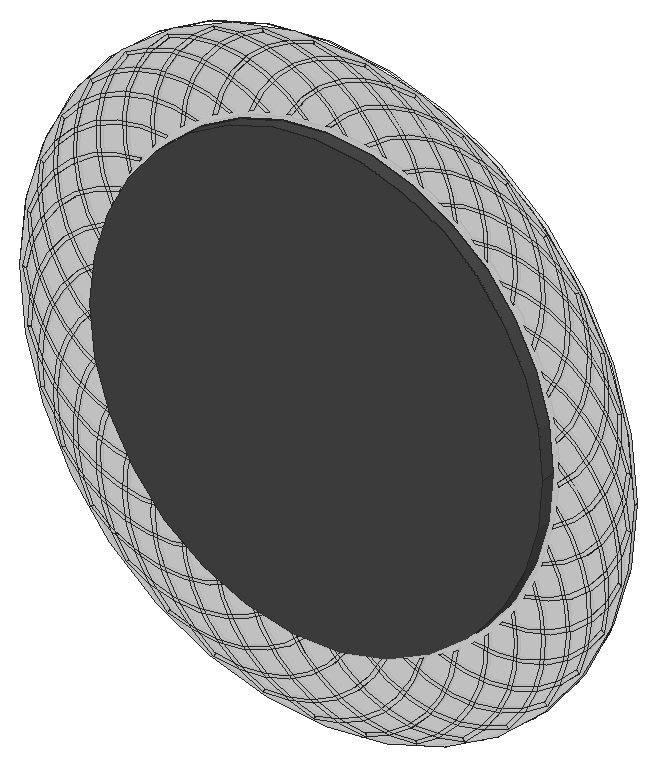
Revit family "3-1202-xx Perla Mirror", category Luminarias, Revit 2021
Family settings
  Anfitrión = Muro
  Cota de conector redondo = Diámetro de uso
  Tipo de pieza = Normal
  Número OmniClass = 23.80.70.00
  Título OmniClass = Lighting
  Siempre vertical = Sí
  Corte con vacíos al cargar = No
  Origen de luz = No
  Compartido = No
  Punto de cálculo de habitación = No
Parameters (values of type "3-1202-0 / Black")
  Diameter = 914 mm
  Elevación por defecto = 0 mm
  Comentarios de vataje = "1 x 35.3 W at 120 V"
  Voltage Input = "120 V or 277 V - 50/60 Hz"  # constant formula
  Voltage = 120 V
  URL = "www.oxygenlighting.com"
  References = "Ref. 3 = 120 V / Ref. 37 = 277 V"  # constant formula
  Modelo = "3-120X-xx / Perla"  # constant formula
  Metal Finish 1 = 15 - Black
  Fabricante = "Vanita by Oxygen"  # constant formula
  Lámpara = "LED Array"  # constant formula
Reference planes
  plane 1: y = 0
  plane 2 "Light Source Axis (L/R)": x = 125
  plane 3 "Light Source Axis (F/R)": y = 160
  plane 4 "Light Source Elevation": z = 700
  plane 5: y = 75
Text (mm)
  text "Placement side" at (-1787.139, 1116.779, 0), in view "Ref. Level"
  text "Placement side" at (0, 2110.396, 2986.058), in view "Left"
  text "Placement side" at (0, 628.478, 3011.967), in view "Right"
Dimensions and locks
  aligned and locked: plane 1 to host wall
  aligned and locked: plane 5 to host wall
  aligned and locked: plane 5 to nested 1
  aligned and locked: nested 1 to plane 2 "Light Source Axis (L/R)"
Nested families
  nested 1: "Family1" at (125, 75, 1005) x (-1, 0, 0) z (0, 0, 1), type "Family1"
Connectors
  electrical at (125, 95, 1005)
    settings: on nested 1, index 1, voltage 0 V, apparent load 0 VA, apparent load phase1 0 VA, apparent load phase2 0 VA, apparent load phase3 0 VA, power factor 1, load classification "Otro", number of poles 1, system type 31, power factor state 1, is connector primary yes, connector utility no, sub classification motor no, connector description ""
Definition of nested family "Family1"
  Parameters (values of type "Family1")
    Radius = Diameter / 2  # 381 mm
    Metal Touch Switch = (Diameter / 2) - 4.3 mm  # 376.7 mm
    Metal Finish 1 = none
    Inner Diameter = Radius - 8.5 mm  # 372.5 mm
    Diffuser = none
    Diameter = 762 mm
    Default Elevation = 0 mm
  Reference planes
    plane 1 "Center (Front/Back)": y = 0
    plane 2: z = 0
    plane 3 "Center (Left/Right)": x = 0
  Forms (mm)
    Extrusion 1, solid
      sketch origin (0, 0, 0) x (1, 0, 0) y (0, 0, 1)
        loop
          circle (0, 0) r 335
      from 20 to 30.49
    Extrusion 2, solid, material <- "Diffuser"
      sketch origin (0, 0, 0) x (1, 0, 0) y (0, 0, 1)
        loop
          circle (0, 0) r 455
        loop
          circle (0, 0) r 335
      from 20 to 25
    Extrusion 3, solid, material <- "Diffuser"
      sketch origin (0, 0, 0) x (1, 0, 0) y (0, 0, 1)
        loop
          arc (-55.516, 337.734) -> (-157.865, 382.348) -> (-267.657, 362.061) r 190.822
          line (-267.657, 362.061) -> (-263.993, 357.523)
          arc (-263.993, 357.523) -> (-160.467, 377.037) -> (-63.098, 336.814) r 184.812
          line (-63.098, 336.814) -> (-55.516, 337.734)
      from 20 to 25
    Extrusion 4, solid, material <- "Diffuser"
      sketch origin (0.06, 0, -0.005) x (0.985616, 0, -0.169001) y (0.169001, 0, 0.985616)
        loop
          arc (-55.516, 337.734) -> (-157.865, 382.348) -> (-267.657, 362.061) r 190.822
          line (-267.657, 362.061) -> (-263.993, 357.523)
          arc (-263.993, 357.523) -> (-160.467, 377.037) -> (-63.098, 336.814) r 184.812
          line (-63.098, 336.814) -> (-55.516, 337.734)
      from 20 to 25
    Extrusion 5, solid, material <- "Diffuser"
      sketch origin (-0.06, 0, -0.005) x (0.985616, 0, 0.169001) y (-0.169001, 0, 0.985616)
        loop
          arc (-55.516, 337.734) -> (-157.865, 382.348) -> (-267.657, 362.061) r 190.822
          line (-267.657, 362.061) -> (-263.993, 357.523)
          arc (-263.993, 357.523) -> (-160.467, 377.037) -> (-63.098, 336.814) r 184.812
          line (-63.098, 336.814) -> (-55.516, 337.734)
      from 20 to 25
    Extrusion 6, solid, material <- "Diffuser"
      sketch origin (-0.118, 0, -0.02) x (0.942877, 0, 0.33314) y (-0.33314, 0, 0.942877)
        loop
          arc (-55.516, 337.734) -> (-157.865, 382.348) -> (-267.657, 362.061) r 190.822
          line (-267.657, 362.061) -> (-263.993, 357.523)
          arc (-263.993, 357.523) -> (-160.467, 377.037) -> (-63.098, 336.814) r 184.812
          line (-63.098, 336.814) -> (-55.516, 337.734)
      from 20 to 25
    Extrusion 7, solid, material <- "Diffuser"
      sketch origin (-0.172, 0, -0.045) x (0.873014, 0, 0.487695) y (-0.487695, 0, 0.873014)
        loop
          arc (-55.516, 337.734) -> (-157.865, 382.348) -> (-267.657, 362.061) r 190.822
          line (-267.657, 362.061) -> (-263.993, 357.523)
          arc (-263.993, 357.523) -> (-160.467, 377.037) -> (-63.098, 336.814) r 184.812
          line (-63.098, 336.814) -> (-55.516, 337.734)
      from 20 to 25
    Extrusion 8, solid, material <- "Diffuser"
      sketch origin (-0.222, 0, -0.078) x (0.778036, 0, 0.62822) y (-0.62822, 0, 0.778036)
        loop
          arc (-55.516, 337.734) -> (-157.865, 382.348) -> (-267.657, 362.061) r 190.822
          line (-267.657, 362.061) -> (-263.993, 357.523)
          arc (-263.993, 357.523) -> (-160.467, 377.037) -> (-63.098, 336.814) r 184.812
          line (-63.098, 336.814) -> (-55.516, 337.734)
      from 20 to 25
    Extrusion 9, solid, material <- "Diffuser"
      sketch origin (-0.265, 0, -0.12) x (0.660675, 0, 0.750672) y (-0.750672, 0, 0.660675)
        loop
          arc (-55.516, 337.734) -> (-157.865, 382.348) -> (-267.657, 362.061) r 190.822
          line (-267.657, 362.061) -> (-263.993, 357.523)
          arc (-263.993, 357.523) -> (-160.467, 377.037) -> (-63.098, 336.814) r 184.812
          line (-63.098, 336.814) -> (-55.516, 337.734)
      from 20 to 25
    Extrusion 10, solid, material <- "Diffuser"
      sketch origin (-0.301, 0, -0.168) x (0.524307, 0, 0.851529) y (-0.851529, 0, 0.524307)
        loop
          arc (-55.516, 337.734) -> (-157.865, 382.348) -> (-267.657, 362.061) r 190.822
          line (-267.657, 362.061) -> (-263.993, 357.523)
          arc (-263.993, 357.523) -> (-160.467, 377.037) -> (-63.098, 336.814) r 184.812
          line (-63.098, 336.814) -> (-55.516, 337.734)
      from 20 to 25
    Extrusion 11, solid, material <- "Diffuser"
      sketch origin (-0.328, 0, -0.222) x (0.372856, 0, 0.927889) y (-0.927889, 0, 0.372856)
        loop
          arc (-55.516, 337.734) -> (-157.865, 382.348) -> (-267.657, 362.061) r 190.822
          line (-267.657, 362.061) -> (-263.993, 357.523)
          arc (-263.993, 357.523) -> (-160.467, 377.037) -> (-63.098, 336.814) r 184.812
          line (-63.098, 336.814) -> (-55.516, 337.734)
      from 20 to 25
    Extrusion 12, solid, material <- "Diffuser"
      sketch origin (-0.346, 0, -0.279) x (0.210679, 0, 0.977555) y (-0.977555, 0, 0.210679)
        loop
          arc (-55.516, 337.734) -> (-157.865, 382.348) -> (-267.657, 362.061) r 190.822
          line (-267.657, 362.061) -> (-263.993, 357.523)
          arc (-263.993, 357.523) -> (-160.467, 377.037) -> (-63.098, 336.814) r 184.812
          line (-63.098, 336.814) -> (-55.516, 337.734)
      from 20 to 25
    Extrusion 13, solid, material <- "Diffuser"
      sketch origin (-0.353, 0, -0.338) x (0.042441, 0, 0.999099) y (-0.999099, 0, 0.042441)
        loop
          arc (-55.516, 337.734) -> (-157.865, 382.348) -> (-267.657, 362.061) r 190.822
          line (-267.657, 362.061) -> (-263.993, 357.523)
          arc (-263.993, 357.523) -> (-160.467, 377.037) -> (-63.098, 336.814) r 184.812
          line (-63.098, 336.814) -> (-55.516, 337.734)
      from 20 to 25
    Extrusion 14, solid, material <- "Diffuser"
      sketch origin (-0.351, 0, -0.398) x (-0.127018, 0, 0.9919) y (-0.9919, 0, -0.127018)
        loop
          arc (-55.516, 337.734) -> (-157.865, 382.348) -> (-267.657, 362.061) r 190.822
          line (-267.657, 362.061) -> (-263.993, 357.523)
          arc (-263.993, 357.523) -> (-160.467, 377.037) -> (-63.098, 336.814) r 184.812
          line (-63.098, 336.814) -> (-55.516, 337.734)
      from 20 to 25
    Extrusion 15, solid, material <- "Diffuser"
      sketch origin (-0.338, 0, -0.457) x (-0.292823, 0, 0.956167) y (-0.956167, 0, -0.292823)
        loop
          arc (-55.516, 337.734) -> (-157.865, 382.348) -> (-267.657, 362.061) r 190.822
          line (-267.657, 362.061) -> (-263.993, 357.523)
          arc (-263.993, 357.523) -> (-160.467, 377.037) -> (-63.098, 336.814) r 184.812
          line (-63.098, 336.814) -> (-55.516, 337.734)
      from 20 to 25
    Extrusion 16, solid, material <- "Diffuser"
      sketch origin (-0.316, 0, -0.513) x (-0.450204, 0, 0.892926) y (-0.892926, 0, -0.450204)
        loop
          arc (-55.516, 337.734) -> (-157.865, 382.348) -> (-267.657, 362.061) r 190.822
          line (-267.657, 362.061) -> (-263.993, 357.523)
          arc (-263.993, 357.523) -> (-160.467, 377.037) -> (-63.098, 336.814) r 184.812
          line (-63.098, 336.814) -> (-55.516, 337.734)
      from 20 to 25
    Extrusion 17, solid, material <- "Diffuser"
      sketch origin (-0.284, 0, -0.564) x (-0.594633, 0, 0.803997) y (-0.803997, 0, -0.594633)
        loop
          arc (-55.516, 337.734) -> (-157.865, 382.348) -> (-267.657, 362.061) r 190.822
          line (-267.657, 362.061) -> (-263.993, 357.523)
          arc (-263.993, 357.523) -> (-160.467, 377.037) -> (-63.098, 336.814) r 184.812
          line (-63.098, 336.814) -> (-55.516, 337.734)
      from 20 to 25
    Extrusion 18, solid, material <- "Diffuser"
      sketch origin (-0.245, 0, -0.609) x (-0.721956, 0, 0.691939) y (-0.691939, 0, -0.721956)
        loop
          arc (-55.516, 337.734) -> (-157.865, 382.348) -> (-267.657, 362.061) r 190.822
          line (-267.657, 362.061) -> (-263.993, 357.523)
          arc (-263.993, 357.523) -> (-160.467, 377.037) -> (-63.098, 336.814) r 184.812
          line (-63.098, 336.814) -> (-55.516, 337.734)
      from 20 to 25
    Extrusion 19, solid, material <- "Diffuser"
      sketch origin (-0.198, 0, -0.646) x (-0.82851, 0, 0.559975) y (-0.559975, 0, -0.82851)
        loop
          arc (-55.516, 337.734) -> (-157.865, 382.348) -> (-267.657, 362.061) r 190.822
          line (-267.657, 362.061) -> (-263.993, 357.523)
          arc (-263.993, 357.523) -> (-160.467, 377.037) -> (-63.098, 336.814) r 184.812
          line (-63.098, 336.814) -> (-55.516, 337.734)
      from 20 to 25
    Extrusion 20, solid, material <- "Diffuser"
      sketch origin (-0.146, 0, -0.676) x (-0.911228, 0, 0.411901) y (-0.411901, 0, -0.911228)
        loop
          arc (-55.516, 337.734) -> (-157.865, 382.348) -> (-267.657, 362.061) r 190.822
          line (-267.657, 362.061) -> (-263.993, 357.523)
          arc (-263.993, 357.523) -> (-160.467, 377.037) -> (-63.098, 336.814) r 184.812
          line (-63.098, 336.814) -> (-55.516, 337.734)
      from 20 to 25
    Extrusion 21, solid, material <- "Diffuser"
      sketch origin (-0.089, 0, -0.696) x (-0.967733, 0, 0.251978) y (-0.251978, 0, -0.967733)
        loop
          arc (-55.516, 337.734) -> (-157.865, 382.348) -> (-267.657, 362.061) r 190.822
          line (-267.657, 362.061) -> (-263.993, 357.523)
          arc (-263.993, 357.523) -> (-160.467, 377.037) -> (-63.098, 336.814) r 184.812
          line (-63.098, 336.814) -> (-55.516, 337.734)
      from 20 to 25
    Extrusion 22, solid, material <- "Diffuser"
      sketch origin (-0.03, 0, -0.706) x (-0.996397, 0, 0.084806) y (-0.084806, 0, -0.996397)
        loop
          arc (-55.516, 337.734) -> (-157.865, 382.348) -> (-267.657, 362.061) r 190.822
          line (-267.657, 362.061) -> (-263.993, 357.523)
          arc (-263.993, 357.523) -> (-160.467, 377.037) -> (-63.098, 336.814) r 184.812
          line (-63.098, 336.814) -> (-55.516, 337.734)
      from 20 to 25
    Extrusion 23, solid, material <- "Diffuser"
      sketch origin (0.03, 0, -0.706) x (-0.996397, 0, -0.084806) y (0.084806, 0, -0.996397)
        loop
          arc (-55.516, 337.734) -> (-157.865, 382.348) -> (-267.657, 362.061) r 190.822
          line (-267.657, 362.061) -> (-263.993, 357.523)
          arc (-263.993, 357.523) -> (-160.467, 377.037) -> (-63.098, 336.814) r 184.812
          line (-63.098, 336.814) -> (-55.516, 337.734)
      from 20 to 25
    Extrusion 24, solid, material <- "Diffuser"
      sketch origin (0.089, 0, -0.696) x (-0.967733, 0, -0.251978) y (0.251978, 0, -0.967733)
        loop
          arc (-55.516, 337.734) -> (-157.865, 382.348) -> (-267.657, 362.061) r 190.822
          line (-267.657, 362.061) -> (-263.993, 357.523)
          arc (-263.993, 357.523) -> (-160.467, 377.037) -> (-63.098, 336.814) r 184.812
          line (-63.098, 336.814) -> (-55.516, 337.734)
      from 20 to 25
    Extrusion 25, solid, material <- "Diffuser"
      sketch origin (0.146, 0, -0.676) x (-0.911228, 0, -0.411901) y (0.411901, 0, -0.911228)
        loop
          arc (-55.516, 337.734) -> (-157.865, 382.348) -> (-267.657, 362.061) r 190.822
          line (-267.657, 362.061) -> (-263.993, 357.523)
          arc (-263.993, 357.523) -> (-160.467, 377.037) -> (-63.098, 336.814) r 184.812
          line (-63.098, 336.814) -> (-55.516, 337.734)
      from 20 to 25
    Extrusion 26, solid, material <- "Diffuser"
      sketch origin (0.198, 0, -0.646) x (-0.82851, 0, -0.559975) y (0.559975, 0, -0.82851)
        loop
          arc (-55.516, 337.734) -> (-157.865, 382.348) -> (-267.657, 362.061) r 190.822
          line (-267.657, 362.061) -> (-263.993, 357.523)
          arc (-263.993, 357.523) -> (-160.467, 377.037) -> (-63.098, 336.814) r 184.812
          line (-63.098, 336.814) -> (-55.516, 337.734)
      from 20 to 25
    Extrusion 27, solid, material <- "Diffuser"
      sketch origin (0.245, 0, -0.609) x (-0.721956, 0, -0.691939) y (0.691939, 0, -0.721956)
        loop
          arc (-55.516, 337.734) -> (-157.865, 382.348) -> (-267.657, 362.061) r 190.822
          line (-267.657, 362.061) -> (-263.993, 357.523)
          arc (-263.993, 357.523) -> (-160.467, 377.037) -> (-63.098, 336.814) r 184.812
          line (-63.098, 336.814) -> (-55.516, 337.734)
      from 20 to 25
    Extrusion 28, solid, material <- "Diffuser"
      sketch origin (0.284, 0, -0.564) x (-0.594633, 0, -0.803997) y (0.803997, 0, -0.594633)
        loop
          arc (-55.516, 337.734) -> (-157.865, 382.348) -> (-267.657, 362.061) r 190.822
          line (-267.657, 362.061) -> (-263.993, 357.523)
          arc (-263.993, 357.523) -> (-160.467, 377.037) -> (-63.098, 336.814) r 184.812
          line (-63.098, 336.814) -> (-55.516, 337.734)
      from 20 to 25
    Extrusion 29, solid, material <- "Diffuser"
      sketch origin (0.316, 0, -0.513) x (-0.450204, 0, -0.892926) y (0.892926, 0, -0.450204)
        loop
          arc (-55.516, 337.734) -> (-157.865, 382.348) -> (-267.657, 362.061) r 190.822
          line (-267.657, 362.061) -> (-263.993, 357.523)
          arc (-263.993, 357.523) -> (-160.467, 377.037) -> (-63.098, 336.814) r 184.812
          line (-63.098, 336.814) -> (-55.516, 337.734)
      from 20 to 25
    Extrusion 30, solid, material <- "Diffuser"
      sketch origin (0.338, 0, -0.457) x (-0.292823, 0, -0.956167) y (0.956167, 0, -0.292823)
        loop
          arc (-55.516, 337.734) -> (-157.865, 382.348) -> (-267.657, 362.061) r 190.822
          line (-267.657, 362.061) -> (-263.993, 357.523)
          arc (-263.993, 357.523) -> (-160.467, 377.037) -> (-63.098, 336.814) r 184.812
          line (-63.098, 336.814) -> (-55.516, 337.734)
      from 20 to 25
    Extrusion 31, solid, material <- "Diffuser"
      sketch origin (0.351, 0, -0.398) x (-0.127018, 0, -0.9919) y (0.9919, 0, -0.127018)
        loop
          arc (-55.516, 337.734) -> (-157.865, 382.348) -> (-267.657, 362.061) r 190.822
          line (-267.657, 362.061) -> (-263.993, 357.523)
          arc (-263.993, 357.523) -> (-160.467, 377.037) -> (-63.098, 336.814) r 184.812
          line (-63.098, 336.814) -> (-55.516, 337.734)
      from 20 to 25
    Extrusion 32, solid, material <- "Diffuser"
      sketch origin (0.353, 0, -0.338) x (0.042441, 0, -0.999099) y (0.999099, 0, 0.042441)
        loop
          arc (-55.516, 337.734) -> (-157.865, 382.348) -> (-267.657, 362.061) r 190.822
          line (-267.657, 362.061) -> (-263.993, 357.523)
          arc (-263.993, 357.523) -> (-160.467, 377.037) -> (-63.098, 336.814) r 184.812
          line (-63.098, 336.814) -> (-55.516, 337.734)
      from 20 to 25
    Extrusion 33, solid, material <- "Diffuser"
      sketch origin (0.346, 0, -0.279) x (0.210679, 0, -0.977555) y (0.977555, 0, 0.210679)
        loop
          arc (-55.516, 337.734) -> (-157.865, 382.348) -> (-267.657, 362.061) r 190.822
          line (-267.657, 362.061) -> (-263.993, 357.523)
          arc (-263.993, 357.523) -> (-160.467, 377.037) -> (-63.098, 336.814) r 184.812
          line (-63.098, 336.814) -> (-55.516, 337.734)
      from 20 to 25
    Extrusion 34, solid, material <- "Diffuser"
      sketch origin (0.328, 0, -0.222) x (0.372856, 0, -0.927889) y (0.927889, 0, 0.372856)
        loop
          arc (-55.516, 337.734) -> (-157.865, 382.348) -> (-267.657, 362.061) r 190.822
          line (-267.657, 362.061) -> (-263.993, 357.523)
          arc (-263.993, 357.523) -> (-160.467, 377.037) -> (-63.098, 336.814) r 184.812
          line (-63.098, 336.814) -> (-55.516, 337.734)
      from 20 to 25
    Extrusion 35, solid, material <- "Diffuser"
      sketch origin (0.301, 0, -0.168) x (0.524307, 0, -0.851529) y (0.851529, 0, 0.524307)
        loop
          arc (-55.516, 337.734) -> (-157.865, 382.348) -> (-267.657, 362.061) r 190.822
          line (-267.657, 362.061) -> (-263.993, 357.523)
          arc (-263.993, 357.523) -> (-160.467, 377.037) -> (-63.098, 336.814) r 184.812
          line (-63.098, 336.814) -> (-55.516, 337.734)
      from 20 to 25
    Extrusion 36, solid, material <- "Diffuser"
      sketch origin (0.265, 0, -0.12) x (0.660675, 0, -0.750672) y (0.750672, 0, 0.660675)
        loop
          arc (-55.516, 337.734) -> (-157.865, 382.348) -> (-267.657, 362.061) r 190.822
          line (-267.657, 362.061) -> (-263.993, 357.523)
          arc (-263.993, 357.523) -> (-160.467, 377.037) -> (-63.098, 336.814) r 184.812
          line (-63.098, 336.814) -> (-55.516, 337.734)
      from 20 to 25
    Extrusion 37, solid, material <- "Diffuser"
      sketch origin (0.222, 0, -0.078) x (0.778036, 0, -0.62822) y (0.62822, 0, 0.778036)
        loop
          arc (-55.516, 337.734) -> (-157.865, 382.348) -> (-267.657, 362.061) r 190.822
          line (-267.657, 362.061) -> (-263.993, 357.523)
          arc (-263.993, 357.523) -> (-160.467, 377.037) -> (-63.098, 336.814) r 184.812
          line (-63.098, 336.814) -> (-55.516, 337.734)
      from 20 to 25
    Extrusion 38, solid, material <- "Diffuser"
      sketch origin (0.172, 0, -0.045) x (0.873014, 0, -0.487695) y (0.487695, 0, 0.873014)
        loop
          arc (-55.516, 337.734) -> (-157.865, 382.348) -> (-267.657, 362.061) r 190.822
          line (-267.657, 362.061) -> (-263.993, 357.523)
          arc (-263.993, 357.523) -> (-160.467, 377.037) -> (-63.098, 336.814) r 184.812
          line (-63.098, 336.814) -> (-55.516, 337.734)
      from 20 to 25
    Extrusion 39, solid, material <- "Diffuser"
      sketch origin (0.118, 0, -0.02) x (0.942877, 0, -0.33314) y (0.33314, 0, 0.942877)
        loop
          arc (-55.516, 337.734) -> (-157.865, 382.348) -> (-267.657, 362.061) r 190.822
          line (-267.657, 362.061) -> (-263.993, 357.523)
          arc (-263.993, 357.523) -> (-160.467, 377.037) -> (-63.098, 336.814) r 184.812
          line (-63.098, 336.814) -> (-55.516, 337.734)
      from 20 to 25
    Extrusion 40, solid, material <- "Metal Finish 1"
      sketch origin (0, 0, 0) x (-1, 0, 0) y (0, 0, -1)
        loop
          circle (0, 0.353) r 335
      from 0 to 20
    Extrusion 41, solid, material <- "Diffuser"
      sketch origin (-1337.272, 0, 402.66) x (0.82868, 0, -0.559722) y (0.559722, 0, 0.82868)
        loop
          line (1117.485, 679.749) -> (1123.031, 683.495)
          arc (1123.031, 683.495) -> (1157.293, 784.379) -> (1241.518, 849.629) r 184.97
          line (1241.518, 849.629) -> (1239.472, 854.952)
          arc (1239.472, 854.952) -> (1150.868, 786.574) -> (1117.485, 679.749) r 186.161
      from 25 to 20
    Extrusion 42, solid, material <- "Diffuser"
      sketch origin (-1249.927, 0, 622.863) x (0.722167, 0, -0.691719) y (0.691719, 0, 0.722167)
        loop
          line (1117.485, 679.749) -> (1123.031, 683.495)
          arc (1123.031, 683.495) -> (1157.293, 784.379) -> (1241.518, 849.629) r 184.97
          line (1241.518, 849.629) -> (1239.472, 854.952)
          arc (1239.472, 854.952) -> (1150.868, 786.574) -> (1117.485, 679.749) r 186.161
      from 25 to 20
    Extrusion 43, solid, material <- "Diffuser"
      sketch origin (-1386.146, 0, 170.863) x (0.911354, 0, -0.411623) y (0.411623, 0, 0.911354)
        loop
          line (1117.485, 679.749) -> (1123.031, 683.495)
          arc (1123.031, 683.495) -> (1157.293, 784.379) -> (1241.518, 849.629) r 184.97
          line (1241.518, 849.629) -> (1239.472, 854.952)
          arc (1239.472, 854.952) -> (1150.868, 786.574) -> (1117.485, 679.749) r 186.161
      from 25 to 20
    Extrusion 44, solid, material <- "Diffuser"
      sketch origin (-1395.143, 0, -65.859) x (0.96781, 0, -0.251683) y (0.251683, 0, 0.96781)
        loop
          line (1117.485, 679.749) -> (1123.031, 683.495)
          arc (1123.031, 683.495) -> (1157.293, 784.379) -> (1241.518, 849.629) r 184.97
          line (1241.518, 849.629) -> (1239.472, 854.952)
          arc (1239.472, 854.952) -> (1150.868, 786.574) -> (1117.485, 679.749) r 186.161
      from 25 to 20
    Extrusion 45, solid, material <- "Diffuser"
      sketch origin (-1364.005, 0, -300.697) x (0.996423, 0, -0.084502) y (0.084502, 0, 0.996423)
        loop
          line (1117.485, 679.749) -> (1123.031, 683.495)
          arc (1123.031, 683.495) -> (1157.293, 784.379) -> (1241.518, 849.629) r 184.97
          line (1241.518, 849.629) -> (1239.472, 854.952)
          arc (1239.472, 854.952) -> (1150.868, 786.574) -> (1117.485, 679.749) r 186.161
      from 25 to 20
    Extrusion 46, solid, material <- "Diffuser"
      sketch origin (-1293.626, 0, -526.895) x (0.996372, 0, 0.08511) y (-0.08511, 0, 0.996372)
        loop
          line (1117.485, 679.749) -> (1123.031, 683.495)
          arc (1123.031, 683.495) -> (1157.293, 784.379) -> (1241.518, 849.629) r 184.97
          line (1241.518, 849.629) -> (1239.472, 854.952)
          arc (1239.472, 854.952) -> (1150.868, 786.574) -> (1117.485, 679.749) r 186.161
      from 25 to 20
    Extrusion 47, solid, material <- "Diffuser"
      sketch origin (-1186.033, 0, -737.945) x (0.967656, 0, 0.252273) y (-0.252273, 0, 0.967656)
        loop
          line (1117.485, 679.749) -> (1123.031, 683.495)
          arc (1123.031, 683.495) -> (1157.293, 784.379) -> (1241.518, 849.629) r 184.97
          line (1241.518, 849.629) -> (1239.472, 854.952)
          arc (1239.472, 854.952) -> (1150.868, 786.574) -> (1117.485, 679.749) r 186.161
      from 25 to 20
    Extrusion 48, solid, material <- "Diffuser"
      sketch origin (-1044.319, 0, -927.776) x (0.911103, 0, 0.412179) y (-0.412179, 0, 0.911103)
        loop
          line (1117.485, 679.749) -> (1123.031, 683.495)
          arc (1123.031, 683.495) -> (1157.293, 784.379) -> (1241.518, 849.629) r 184.97
          line (1241.518, 849.629) -> (1239.472, 854.952)
          arc (1239.472, 854.952) -> (1150.868, 786.574) -> (1117.485, 679.749) r 186.161
      from 25 to 20
    Extrusion 49, solid, material <- "Diffuser"
      sketch origin (-872.562, 0, -1090.927) x (0.828339, 0, 0.560227) y (-0.560227, 0, 0.828339)
        loop
          line (1117.485, 679.749) -> (1123.031, 683.495)
          arc (1123.031, 683.495) -> (1157.293, 784.379) -> (1241.518, 849.629) r 184.97
          line (1241.518, 849.629) -> (1239.472, 854.952)
          arc (1239.472, 854.952) -> (1150.868, 786.574) -> (1117.485, 679.749) r 186.161
      from 25 to 20
    Extrusion 50, solid, material <- "Diffuser"
      sketch origin (-675.704, 0, -1222.704) x (0.721745, 0, 0.692159) y (-0.692159, 0, 0.721745)
        loop
          line (1117.485, 679.749) -> (1123.031, 683.495)
          arc (1123.031, 683.495) -> (1157.293, 784.379) -> (1241.518, 849.629) r 184.97
          line (1241.518, 849.629) -> (1239.472, 854.952)
          arc (1239.472, 854.952) -> (1150.868, 786.574) -> (1117.485, 679.749) r 186.161
      from 25 to 20
    Extrusion 51, solid, material <- "Diffuser"
      sketch origin (-459.406, 0, -1319.316) x (0.594388, 0, 0.804178) y (-0.804178, 0, 0.594388)
        loop
          line (1117.485, 679.749) -> (1123.031, 683.495)
          arc (1123.031, 683.495) -> (1157.293, 784.379) -> (1241.518, 849.629) r 184.97
          line (1241.518, 849.629) -> (1239.472, 854.952)
          arc (1239.472, 854.952) -> (1150.868, 786.574) -> (1117.485, 679.749) r 186.161
      from 25 to 20
    Extrusion 52, solid, material <- "Diffuser"
      sketch origin (-229.892, 0, -1377.984) x (0.449931, 0, 0.893063) y (-0.893063, 0, 0.449931)
        loop
          line (1117.485, 679.749) -> (1123.031, 683.495)
          arc (1123.031, 683.495) -> (1157.293, 784.379) -> (1241.518, 849.629) r 184.97
          line (1241.518, 849.629) -> (1239.472, 854.952)
          arc (1239.472, 854.952) -> (1150.868, 786.574) -> (1117.485, 679.749) r 186.161
      from 25 to 20
    Extrusion 53, solid, material <- "Diffuser"
      sketch origin (6.235, 0, -1397.02) x (0.292531, 0, 0.956256) y (-0.956256, 0, 0.292531)
        loop
          line (1117.485, 679.749) -> (1123.031, 683.495)
          arc (1123.031, 683.495) -> (1157.293, 784.379) -> (1241.518, 849.629) r 184.97
          line (1241.518, 849.629) -> (1239.472, 854.952)
          arc (1239.472, 854.952) -> (1150.868, 786.574) -> (1117.485, 679.749) r 186.161
      from 25 to 20
    Extrusion 54, solid, material <- "Diffuser"
      sketch origin (242.183, 0, -1375.876) x (0.126715, 0, 0.991939) y (-0.991939, 0, 0.126715)
        loop
          line (1117.485, 679.749) -> (1123.031, 683.495)
          arc (1123.031, 683.495) -> (1157.293, 784.379) -> (1241.518, 849.629) r 184.97
          line (1241.518, 849.629) -> (1239.472, 854.952)
          arc (1239.472, 854.952) -> (1150.868, 786.574) -> (1117.485, 679.749) r 186.161
      from 25 to 20
    Extrusion 55, solid, material <- "Diffuser"
      sketch origin (471.164, 0, -1315.161) x (-0.042746, 0, 0.999086) y (-0.999086, 0, -0.042746)
        loop
          line (1117.485, 679.749) -> (1123.031, 683.495)
          arc (1123.031, 683.495) -> (1157.293, 784.379) -> (1241.518, 849.629) r 184.97
          line (1241.518, 849.629) -> (1239.472, 854.952)
          arc (1239.472, 854.952) -> (1150.868, 786.574) -> (1117.485, 679.749) r 186.161
      from 25 to 20
    Extrusion 56, solid, material <- "Diffuser"
      sketch origin (686.591, 0, -1216.622) x (-0.210977, 0, 0.977491) y (-0.977491, 0, -0.210977)
        loop
          line (1117.485, 679.749) -> (1123.031, 683.495)
          arc (1123.031, 683.495) -> (1157.293, 784.379) -> (1241.518, 849.629) r 184.97
          line (1241.518, 849.629) -> (1239.472, 854.952)
          arc (1239.472, 854.952) -> (1150.868, 786.574) -> (1117.485, 679.749) r 186.161
      from 25 to 20
    Extrusion 57, solid, material <- "Diffuser"
      sketch origin (882.265, 0, -1083.093) x (-0.37314, 0, 0.927775) y (-0.927775, 0, -0.37314)
        loop
          line (1117.485, 679.749) -> (1123.031, 683.495)
          arc (1123.031, 683.495) -> (1157.293, 784.379) -> (1241.518, 849.629) r 184.97
          line (1241.518, 849.629) -> (1239.472, 854.952)
          arc (1239.472, 854.952) -> (1150.868, 786.574) -> (1117.485, 679.749) r 186.161
      from 25 to 20
    Extrusion 58, solid, material <- "Diffuser"
      sketch origin (1052.558, 0, -918.415) x (-0.524567, 0, 0.851369) y (-0.851369, 0, -0.524567)
        loop
          line (1117.485, 679.749) -> (1123.031, 683.495)
          arc (1123.031, 683.495) -> (1157.293, 784.379) -> (1241.518, 849.629) r 184.97
          line (1241.518, 849.629) -> (1239.472, 854.952)
          arc (1239.472, 854.952) -> (1150.868, 786.574) -> (1117.485, 679.749) r 186.161
      from 25 to 20
    Extrusion 59, solid, material <- "Diffuser"
      sketch origin (1192.571, 0, -727.326) x (-0.660904, 0, 0.750471) y (-0.750471, 0, -0.660904)
        loop
          line (1117.485, 679.749) -> (1123.031, 683.495)
          arc (1123.031, 683.495) -> (1157.293, 784.379) -> (1241.518, 849.629) r 184.97
          line (1241.518, 849.629) -> (1239.472, 854.952)
          arc (1239.472, 854.952) -> (1150.868, 786.574) -> (1117.485, 679.749) r 186.161
      from 25 to 20
    Extrusion 60, solid, material <- "Diffuser"
      sketch origin (1298.276, 0, -515.324) x (-0.778227, 0, 0.627983) y (-0.627983, 0, -0.778227)
        loop
          line (1117.485, 679.749) -> (1123.031, 683.495)
          arc (1123.031, 683.495) -> (1157.293, 784.379) -> (1241.518, 849.629) r 184.97
          line (1241.518, 849.629) -> (1239.472, 854.952)
          arc (1239.472, 854.952) -> (1150.868, 786.574) -> (1117.485, 679.749) r 186.161
      from 25 to 20
    Extrusion 61, solid, material <- "Diffuser"
      sketch origin (1366.632, 0, -288.507) x (-0.873163, 0, 0.487429) y (-0.487429, 0, -0.873163)
        loop
          line (1117.485, 679.749) -> (1123.031, 683.495)
          arc (1123.031, 683.495) -> (1157.293, 784.379) -> (1241.518, 849.629) r 184.97
          line (1241.518, 849.629) -> (1239.472, 854.952)
          arc (1239.472, 854.952) -> (1150.868, 786.574) -> (1117.485, 679.749) r 186.161
      from 25 to 20
    Extrusion 62, solid, material <- "Diffuser"
      sketch origin (1395.672, 0, -53.4) x (-0.942979, 0, 0.332852) y (-0.332852, 0, -0.942979)
        loop
          line (1117.485, 679.749) -> (1123.031, 683.495)
          arc (1123.031, 683.495) -> (1157.293, 784.379) -> (1241.518, 849.629) r 184.97
          line (1241.518, 849.629) -> (1239.472, 854.952)
          arc (1239.472, 854.952) -> (1150.868, 786.574) -> (1117.485, 679.749) r 186.161
      from 25 to 20
    Extrusion 63, solid, material <- "Diffuser"
      sketch origin (1384.562, 0, 183.233) x (-0.985667, 0, 0.1687) y (-0.1687, 0, -0.985667)
        loop
          line (1117.485, 679.749) -> (1123.031, 683.495)
          arc (1123.031, 683.495) -> (1157.293, 784.379) -> (1241.518, 849.629) r 184.97
          line (1241.518, 849.629) -> (1239.472, 854.952)
          arc (1239.472, 854.952) -> (1150.868, 786.574) -> (1117.485, 679.749) r 186.161
      from 25 to 20
    Extrusion 64, solid, material <- "Diffuser"
      sketch origin (1333.62, 0, 414.584) x (-1, 0, -0.000305) y (0.000305, 0, -1)
        loop
          line (1117.485, 679.749) -> (1123.031, 683.495)
          arc (1123.031, 683.495) -> (1157.293, 784.379) -> (1241.518, 849.629) r 184.97
          line (1241.518, 849.629) -> (1239.472, 854.952)
          arc (1239.472, 854.952) -> (1150.868, 786.574) -> (1117.485, 679.749) r 186.161
      from 25 to 20
    Extrusion 65, solid, material <- "Diffuser"
      sketch origin (1244.312, 0, 633.999) x (-0.985564, 0, -0.169301) y (0.169301, 0, -0.985564)
        loop
          line (1117.485, 679.749) -> (1123.031, 683.495)
          arc (1123.031, 683.495) -> (1157.293, 784.379) -> (1241.518, 849.629) r 184.97
          line (1241.518, 849.629) -> (1239.472, 854.952)
          arc (1239.472, 854.952) -> (1150.868, 786.574) -> (1117.485, 679.749) r 186.161
      from 25 to 20
    Extrusion 66, solid, material <- "Diffuser"
      sketch origin (1119.208, 0, 835.164) x (-0.942776, 0, -0.333427) y (0.333427, 0, -0.942776)
        loop
          line (1117.485, 679.749) -> (1123.031, 683.495)
          arc (1123.031, 683.495) -> (1157.293, 784.379) -> (1241.518, 849.629) r 184.97
          line (1241.518, 849.629) -> (1239.472, 854.952)
          arc (1239.472, 854.952) -> (1150.868, 786.574) -> (1117.485, 679.749) r 186.161
      from 25 to 20
    Extrusion 67, solid, material <- "Diffuser"
      sketch origin (961.906, 0, 1012.293) x (-0.872865, 0, -0.487961) y (0.487961, 0, -0.872865)
        loop
          line (1117.485, 679.749) -> (1123.031, 683.495)
          arc (1123.031, 683.495) -> (1157.293, 784.379) -> (1241.518, 849.629) r 184.97
          line (1241.518, 849.629) -> (1239.472, 854.952)
          arc (1239.472, 854.952) -> (1150.868, 786.574) -> (1117.485, 679.749) r 186.161
      from 25 to 20
    Extrusion 68, solid, material <- "Diffuser"
      sketch origin (776.932, 0, 1160.29) x (-0.777844, 0, -0.628457) y (0.628457, 0, -0.777844)
        loop
          line (1117.485, 679.749) -> (1123.031, 683.495)
          arc (1123.031, 683.495) -> (1157.293, 784.379) -> (1241.518, 849.629) r 184.97
          line (1241.518, 849.629) -> (1239.472, 854.952)
          arc (1239.472, 854.952) -> (1150.868, 786.574) -> (1117.485, 679.749) r 186.161
      from 25 to 20
    Extrusion 69, solid, material <- "Diffuser"
      sketch origin (569.607, 0, 1274.897) x (-0.660446, 0, -0.750874) y (0.750874, 0, -0.660446)
        loop
          line (1117.485, 679.749) -> (1123.031, 683.495)
          arc (1123.031, 683.495) -> (1157.293, 784.379) -> (1241.518, 849.629) r 184.97
          line (1241.518, 849.629) -> (1239.472, 854.952)
          arc (1239.472, 854.952) -> (1150.868, 786.574) -> (1117.485, 679.749) r 186.161
      from 25 to 20
    Extrusion 70, solid, material <- "Diffuser"
      sketch origin (345.895, 0, 1352.818) x (-0.524048, 0, -0.851689) y (0.851689, 0, -0.524048)
        loop
          line (1117.485, 679.749) -> (1123.031, 683.495)
          arc (1123.031, 683.495) -> (1157.293, 784.379) -> (1241.518, 849.629) r 184.97
          line (1241.518, 849.629) -> (1239.472, 854.952)
          arc (1239.472, 854.952) -> (1150.868, 786.574) -> (1117.485, 679.749) r 186.161
      from 25 to 20
    Extrusion 71, solid, material <- "Diffuser"
      sketch origin (112.233, 0, 1391.81) x (-0.372573, 0, -0.928003) y (0.928003, 0, -0.372573)
        loop
          line (1117.485, 679.749) -> (1123.031, 683.495)
          arc (1123.031, 683.495) -> (1157.293, 784.379) -> (1241.518, 849.629) r 184.97
          line (1241.518, 849.629) -> (1239.472, 854.952)
          arc (1239.472, 854.952) -> (1150.868, 786.574) -> (1117.485, 679.749) r 186.161
      from 25 to 20
    Extrusion 72, solid, material <- "Diffuser"
      sketch origin (-124.658, 0, 1390.752) x (-0.210381, 0, -0.977619) y (0.977619, 0, -0.210381)
        loop
          line (1117.485, 679.749) -> (1123.031, 683.495)
          arc (1123.031, 683.495) -> (1157.293, 784.379) -> (1241.518, 849.629) r 184.97
          line (1241.518, 849.629) -> (1239.472, 854.952)
          arc (1239.472, 854.952) -> (1150.868, 786.574) -> (1117.485, 679.749) r 186.161
      from 25 to 20
    Extrusion 73, solid, material <- "Diffuser"
      sketch origin (-357.963, 0, 1349.675) x (-0.042136, 0, -0.999112) y (0.999112, 0, -0.042136)
        loop
          line (1117.485, 679.749) -> (1123.031, 683.495)
          arc (1123.031, 683.495) -> (1157.293, 784.379) -> (1241.518, 849.629) r 184.97
          line (1241.518, 849.629) -> (1239.472, 854.952)
          arc (1239.472, 854.952) -> (1150.868, 786.574) -> (1117.485, 679.749) r 186.161
      from 25 to 20
    Extrusion 74, solid, material <- "Diffuser"
      sketch origin (-580.97, 0, 1269.76) x (0.12732, 0, -0.991862) y (0.991862, 0, 0.12732)
        loop
          line (1117.485, 679.749) -> (1123.031, 683.495)
          arc (1123.031, 683.495) -> (1157.293, 784.379) -> (1241.518, 849.629) r 184.97
          line (1241.518, 849.629) -> (1239.472, 854.952)
          arc (1239.472, 854.952) -> (1150.868, 786.574) -> (1117.485, 679.749) r 186.161
      from 25 to 20
    Extrusion 75, solid, material <- "Diffuser"
      sketch origin (-787.264, 0, 1153.306) x (0.293114, 0, -0.956077) y (0.956077, 0, 0.293114)
        loop
          line (1117.485, 679.749) -> (1123.031, 683.495)
          arc (1123.031, 683.495) -> (1157.293, 784.379) -> (1241.518, 849.629) r 184.97
          line (1241.518, 849.629) -> (1239.472, 854.952)
          arc (1239.472, 854.952) -> (1150.868, 786.574) -> (1117.485, 679.749) r 186.161
      from 25 to 20
    Extrusion 76, solid, material <- "Diffuser"
      sketch origin (-970.909, 0, 1003.664) x (0.450476, 0, -0.892788) y (0.892788, 0, 0.450476)
        loop
          line (1117.485, 679.749) -> (1123.031, 683.495)
          arc (1123.031, 683.495) -> (1157.293, 784.379) -> (1241.518, 849.629) r 184.97
          line (1241.518, 849.629) -> (1239.472, 854.952)
          arc (1239.472, 854.952) -> (1150.868, 786.574) -> (1117.485, 679.749) r 186.161
      from 25 to 20
    Extrusion 77, solid, material <- "Diffuser"
      sketch origin (-1126.623, 0, 825.137) x (0.594878, 0, -0.803816) y (0.803816, 0, 0.594878)
        loop
          line (1117.485, 679.749) -> (1123.031, 683.495)
          arc (1123.031, 683.495) -> (1157.293, 784.379) -> (1241.518, 849.629) r 184.97
          line (1241.518, 849.629) -> (1239.472, 854.952)
          arc (1239.472, 854.952) -> (1150.868, 786.574) -> (1117.485, 679.749) r 186.161
      from 25 to 20
  Dimensions and locks
    Extrusion 1 to plane 1 "Center (Front/Back)" = 30.49 mm
    aligned and locked: plane 2 to level
    aligned and locked: Extrusion 1 sketch curve to Extrusion 2  (x2)
